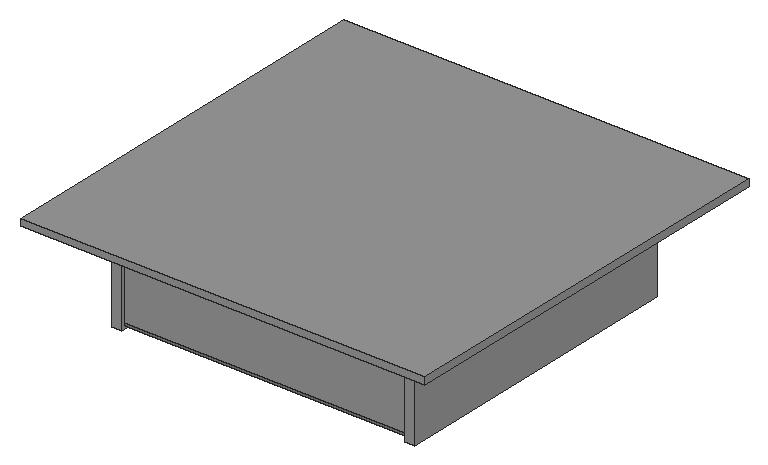
Revit family "Berica 2.0 M", category Lighting Fixtures, Revit 2020 (continued)
Definition of nested family "Light Source Berica 2.0"
  Parameters (values of type "L 45°x96°")
      96.57 91.68 87.08 82.27 77.94 73.48 68.95 65.15 61.24 \r\n57.26 53.49 49.96 46.61 43.40 40.13 37.45 34.48 31.83 \r\n29.31 26.86 24.62 22.36 20.21 18.13 16.31 14.34 12.78 \r\n11.08 9.60 8.12 7.01 6.00 5.14 4.38 3.62 2.90 2.24 1.60 \r\n1.01 0.53 0.25 0.10 0.07 0.10 0.25 0.53 1.01 1.60 2.24 \r\n2.90 3.62 4.38 5.14 6.00 7.01 8.12 9.60 11.08 12.78 14.34 \r\n16.31 18.13 20.21 22.36 24.62 26.86 29.31 31.83 34.48 \r\n37.45 40.13 43.40 46.61 49.96 53.49 57.26 61.24 65.15 \r\n68.95 73.48 77.94 82.27 87.08 91.68 96.57 101.46 106.03 \r\n111.25 116.02 120.81 125.79 130.24 135.32 139.52 143.80 \r\n148.37 152.33 156.65 160.45 164.47 167.91 171.52 174.96 \r\n178.22 181.37 184.34 187.23 190.12 192.81 195.32 197.82 \r\n199.93 202.27 204.39 206.33 208.29 210.01 211.70 213.25 \r\n214.77 216.03 217.26 218.50 219.54 220.47 221.30 221.91 \r\n222.60 223.12 223.64 224.03 224.29 224.51 \r\n224.51 224.25 223.87 223.34 222.66 222.12 221.30 220.35 \r\n219.27 218.00 216.77 215.37 214.02 212.60 210.64 208.95 \r\n207.01 204.82 202.50 200.07 197.44 194.94 192.09 189.09 \r\n186.22 182.82 179.85 176.18 172.69 168.88 165.41 161.30 \r\n157.62 153.21 149.28 144.86 140.35 136.09 131.35 126.57 \r\n122.00 117.17 112.15 107.35 102.34 97.70 92.67 88.42 \r\n84.22 79.58 75.44 71.18 67.32 63.28 59.47 55.72 52.45 \r\n49.18 45.71 42.74 39.74 36.82 33.63 30.72 27.56 24.72 \r\n22.38 20.12 17.70 15.22 12.71 10.62 8.64 7.14 6.01 5.04 \r\n4.36 3.76 3.17 2.69 2.25 1.84 1.48 1.12 0.78 0.48 0.24 \r\n0.10 0.05 0.04 0.04 0.04 0.05 0.10 0.24 0.48 0.78 1.12 \r\n1.48 1.84 2.25 2.69 3.17 3.76 4.36 5.04 6.01 7.14 8.64 \r\n10.62 12.71 15.22 17.70 20.12 22.38 24.72 27.56 30.72 \r\n33.63 36.82 39.74 42.74 45.71 49.18 52.45 55.72 59.47 \r\n63.28 67.32 71.18 75.44 79.58 84.22 88.42 92.67 97.70 \r\n102.34 107.35 112.15 117.17 122.00 126.57 131.35 136.09 \r\n140.35 144.86 149.28 153.21 157.62 161.30 165.41 168.88 \r\n172.69 176.18 179.85 182.82 186.22 189.09 192.09 194.94 \r\n197.44 200.07 202.50 204.82 207.01 208.95 210.64 212.60 \r\n214.02 215.37 216.77 218.00 219.27 220.35 221.30 222.12 \r\n222.66 223.34 223.87 224.25 224.51 \r\n224.51 224.08 223.48 222.86 222.13 221.23 220.23 219.10 \r\n217.81 216.41 214.98 213.36 211.57 209.68 207.21 205.07 \r\n202.62 200.27 197.28 194.35 191.22 188.09 184.95 181.65 \r\n178.05 174.46 170.57 166.50 162.64 158.34 154.15 149.77 \r\n145.31 140.69 135.75 131.29 126.63 121.55 116.81 111.94 \r\n107.17 102.48 97.61 92.75 88.28 83.91 79.55 75.48 71.39 \r\n67.73 63.74 60.29 56.71 53.30 49.87 46.25 42.49 38.52 \r\n34.67 31.83 29.21 26.38 23.22 20.12 17.11 14.22 11.83 \r\n9.45 7.76 6.37 4.98 4.10 3.54 3.06 2.56 2.10 1.72 1.47 \r\n1.25 1.06 0.85 0.68 0.50 0.36 0.23 0.13 0.07 0.04 0.03 \r\n0.03 0.03 0.03 0.03 0.04 0.07 0.13 0.23 0.36 0.50 0.68 \r\n0.85 1.06 1.25 1.47 1.72 2.10 2.56 3.06 3.54 4.10 4.98 \r\n6.37 7.76 9.45 11.83 14.22 17.11 20.12 23.22 26.38 29.21 \r\n31.83 34.67 38.52 42.49 46.25 49.87 53.30 56.71 60.29 \r\n63.74 67.73 71.39 75.48 79.55 83.91 88.28 92.75 97.61 \r\n102.48 107.17 111.94 116.81 121.55 126.63 131.29 135.75 \r\n140.69 145.31 149.77 154.15 158.34 162.64 166.50 170.57 \r\n174.46 178.05 181.65 184.95 188.09 191.22 194.35 197.28 \r\n200.27 202.62 205.07 207.21 209.68 211.57 213.36 214.98 \r\n216.41 217.81 219.10 220.23 221.23 222.13 222.86 223.48 \r\n224.08 224.51 \r\n224.51 224.02 223.28 222.51 221.63 220.52 219.28 217.94 \r\n216.41 214.78 212.92 210.96 208.62 206.44 203.59 200.79 \r\n197.92 194.83 191.34 188.26 184.71 181.18 177.34 173.29 \r\n169.62 164.84 160.89 155.99 151.39 146.33 141.88 137.09 \r\n132.15 126.97 121.91 116.98 111.80 106.88 102.37 97.34 \r\n92.96 88.32 83.83 79.75 75.43 71.37 67.54 63.70 60.15 \r\n55.89 51.50 47.05 42.68 39.42 36.43 33.59 30.41 26.62 \r\n23.01 19.63 16.36 13.79 11.22 8.81 7.33 5.88 4.30 3.39 \r\n2.95 2.55 2.10 1.68 1.24 0.88 0.76 0.66 0.58 0.49 0.41 \r\n0.33 0.27 0.21 0.15 0.10 0.07 0.04 0.03 0.03 0.02 0.02 \r\n0.02 0.02 0.02 0.03 0.03 0.04 0.07 0.10 0.15 0.21 0.27 \r\n0.33 0.41 0.49 0.58 0.66 0.76 0.88 1.24 1.68 2.10 2.55 \r\n2.95 3.39 4.30 5.88 7.33 8.81 11.22 13.79 16.36 19.63 \r\n23.01 26.62 30.41 33.59 36.43 39.42 42.68 47.05 51.50 \r\n55.89 60.15 63.70 67.54 71.37 75.43 79.75 83.83 88.32 \r\n92.96 97.34 102.37 106.88 111.80 116.98 121.91 126.97 \r\n132.15 137.09 141.88 146.33 151.39 155.99 160.89 164.84 \r\n169.62 173.29 177.34 181.18 184.71 188.26 191.34 194.83 \r\n197.92 200.79 203.59 206.44 208.62 210.96 212.92 214.78 \r\n216.41 217.94 219.28 220.52 221.63 222.51 223.28 224.02 \r\n224.51 \r\n224.51 223.89 223.05 222.05 220.93 219.68 218.18 216.66 \r\n214.74 212.95 210.50 208.11 205.32 202.61 199.31 196.10 \r\n192.71 189.16 185.50 181.57 177.67 173.21 169.17 164.58 \r\n160.07 154.75 149.97 144.81 139.65 134.46 129.25 124.09 \r\n118.71 113.76 108.22 103.39 98.07 93.55 88.58 84.45 80.04 \r\n75.84 71.80 67.56 63.09 57.89 52.65 48.05 44.49 41.30 \r\n38.49 35.01 30.88 26.83 23.45 20.11 17.14 14.64 11.93 \r\n9.35 7.93 6.36 4.60 3.31 2.85 2.49 2.10 1.72 1.32 0.88 \r\n0.47 0.34 0.30 0.27 0.24 0.21 0.18 0.16 0.13 0.11 0.09 \r\n0.06 0.05 0.03 0.02 0.02 0.02 0.02 0.02 0.02 0.02 0.02 \r\n0.02 0.02 0.02 0.02 0.02 0.03 0.05 0.06 0.09 0.11 0.13 \r\n0.16 0.18 0.21 0.24 0.27 0.30 0.34 0.47 0.88 1.32 1.72 \r\n2.10 2.49 2.85 3.31 4.60 6.36 7.93 9.35 11.93 14.64 17.14 \r\n20.11 23.45 26.83 30.88 35.01 38.49 41.30 44.49 48.05 \r\n52.65 57.89 63.09 67.56 71.80 75.84 80.04 84.45 88.58 \r\n93.55 98.07 103.39 108.22 113.76 118.71 124.09 129.25 \r\n134.46 139.65 144.81 149.97 154.75 160.07 164.58 169.17 \r\n173.21 177.67 181.57 185.50 189.16 192.71 196.10 199.31 \r\n202.61 205.32 208.11 210.50 212.95 214.74 216.66 218.18 \r\n219.68 220.93 222.05 223.05 223.89 224.51 \r\n224.51 223.86 222.87 221.70 220.22 218.88 217.19 215.46 \r\n213.25 210.81 208.08 205.19 201.94 198.78 195.02 191.55 \r\n187.58 183.58 179.21 174.95 170.10 165.48 160.52 155.27 \r\n150.00 144.47 139.16 133.56 128.02 122.63 116.75 111.61 \r\n106.15 100.78 95.63 90.67 85.98 81.44 76.94 72.71 67.39 \r\n61.95 56.01 51.03 47.33 43.71 40.90 37.28 32.61 28.34 \r\n24.81 21.53 18.50 15.92 13.61 10.95 9.06 7.74 6.16 4.29 \r\n3.22 2.85 2.50 2.13 1.74 1.34 0.92 0.43 0.17 0.15 0.13 \r\n0.12 0.11 0.10 0.09 0.07 0.06 0.05 0.04 0.03 0.03 0.02 \r\n0.02 0.02 0.02 0.02 0.02 0.02 0.02 0.02 0.02 0.02 0.02 \r\n0.02 0.02 0.02 0.02 0.02 0.02 0.02 0.03 0.03 0.04 0.05 \r\n0.06 0.07 0.09 0.10 0.11 0.12 0.13 0.15 0.17 0.43 0.92 \r\n1.34 1.74 2.13 2.50 2.85 3.22 4.29 6.16 7.74 9.06 10.95 \r\n13.61 15.92 18.50 21.53 24.81 28.34 32.61 37.28 40.90 \r\n43.71 47.33 51.03 56.01 61.95 67.39 72.71 76.94 81.44 \r\n85.98 90.67 95.63 100.78 106.15 111.61 116.75 122.63 \r\n128.02 133.56 139.16 144.47 150.00 155.27 160.52 165.48 \r\n170.10 174.95 179.21 183.58 187.58 191.55 195.02 198.78 \r\n201.94 205.19 208.08 210.81 213.25 215.46 217.19 218.88 \r\n220.22 221.70 222.87 223.86 224.51 \r\n224.51 223.68 222.66 221.30 219.72 218.03 216.36 214.19 \r\n211.56 208.83 205.53 202.31 198.76 195.17 190.82 186.82 \r\n182.18 177.84 173.12 167.78 162.72 157.37 152.02 146.01 \r\n140.45 134.67 128.64 122.58 116.78 111.16 105.71 100.18 \r\n94.94 89.66 84.60 79.65 75.20 69.75 63.35 57.01 51.59 \r\n47.98 44.25 41.31 36.89 31.65 27.66 24.01 20.99 17.99 \r\n15.84 13.49 10.72 9.08 7.88 6.26 4.60 3.42 3.06 2.71 2.32 \r\n1.98 1.55 1.16 0.66 0.21 0.06 0.05 0.04 0.04 0.03 0.03 \r\n0.03 0.02 0.02 0.02 0.02 0.02 0.02 0.01 0.01 0.01 0.01 \r\n0.01 0.01 0.01 0.01 0.01 0.01 0.01 0.01 0.01 0.01 0.01 \r\n0.01 0.01 0.01 0.01 0.01 0.01 0.01 0.01 0.02 0.02 0.02 \r\n0.02 0.02 0.02 0.03 0.03 0.03 0.04 0.04 0.05 0.06 0.21 \r\n0.66 1.16 1.55 1.98 2.32 2.71 3.06 3.42 4.60 6.26 7.88 \r\n9.08 10.72 13.49 15.84 17.99 20.99 24.01 27.66 31.65 \r\n36.89 41.31 44.25 47.98 51.59 57.01 63.35 69.75 75.20 \r\n79.65 84.60 89.66 94.94 100.18 105.71 111.16 116.78 \r\n122.58 128.64 134.67 140.45 146.01 152.02 157.37 162.72 \r\n167.78 173.12 177.84 182.18 186.82 190.82 195.17 198.76 \r\n202.31 205.53 208.83 211.56 214.19 216.36 218.03 219.72 \r\n221.30 222.66 223.68 224.51 \r\n224.51 223.59 222.53 220.94 219.17 217.34 215.31 212.67 \r\n209.75 206.44 203.12 199.29 195.32 191.31 186.75 182.32 \r\n177.02 172.11 166.53 161.06 155.23 149.50 143.38 137.56 \r\n131.02 125.12 118.51 112.76 106.52 100.79 95.84 90.16 \r\n85.08 79.75 74.34 67.41 60.76 54.59 49.85 46.25 42.93 \r\n39.00 33.10 28.79 24.86 21.42 18.55 16.39 14.10 11.71 \r\n9.60 8.41 6.99 5.33 3.82 3.33 3.00 2.64 2.29 1.89 1.50 \r\n1.06 0.58 0.12 0.03 0.02 0.02 0.02 0.02 0.02 0.01 0.01 \r\n0.01 0.01 0.01 0.01 0.01 0.01 0.01 0.01 0.01 0.01 0.01 \r\n0.01 0.01 0.01 0.01 0.01 0.01 0.01 0.01 0.01 0.01 0.01 \r\n0.01 0.01 0.01 0.01 0.01 0.01 0.01 0.01 0.01 0.01 0.01 \r\n0.01 0.01 0.01 0.01 0.01 0.01 0.02 0.02 0.02 0.02 0.02 \r\n0.03 0.12 0.58 1.06 1.50 1.89 2.29 2.64 3.00 3.33 3.82 \r\n5.33 6.99 8.41 9.60 11.71 14.10 16.39 18.55 21.42 24.86 \r\n28.79 33.10 39.00 42.93 46.25 49.85 54.59 60.76 67.41 \r\n74.34 79.75 85.08 90.16 95.84 100.79 106.52 112.76 118.51 \r\n125.12 131.02 137.56 143.38 149.50 155.23 161.06 166.53 \r\n172.11 177.02 182.32 186.75 191.31 195.32 199.29 203.12 \r\n206.44 209.75 212.67 215.31 217.34 219.17 220.94 222.53 \r\n223.59 224.51 \r\n224.51 223.55 222.22 220.49 218.78 216.75 214.34 211.48 \r\n208.02 204.61 200.53 196.61 192.21 187.88 182.56 177.42 \r\n172.10 166.49 160.43 154.52 148.64 141.75 136.02 128.95 \r\n122.76 116.20 110.01 103.70 97.84 92.46 86.82 81.31 75.34 \r\n68.65 60.33 54.32 49.76 46.16 42.51 37.40 31.32 27.39 \r\n23.49 20.29 17.69 15.50 13.26 10.66 9.17 8.01 6.68 5.05 \r\n3.77 3.32 3.02 2.64 2.29 1.92 1.51 1.08 0.60 0.18 0.03 \r\n0.02 0.02 0.01 0.01 0.01 0.01 0.01 0.01 0.01 0.01 0.01 \r\n0.01 0.01 0.01 0.01 0.01 0.01 0.01 0.01 0.01 0.01 0.01 \r\n0.01 0.01 0.01 0.01 0.01 0.01 0.01 0.01 0.01 0.01 0.01 \r\n0.01 0.01 0.01 0.01 0.01 0.01 0.01 0.01 0.01 0.01 0.01 \r\n0.01 0.01 0.01 0.01 0.01 0.01 0.01 0.01 0.01 0.02 0.02 \r\n0.03 0.18 0.60 1.08 1.51 1.92 2.29 2.64 3.02 3.32 3.77 \r\n5.05 6.68 8.01 9.17 10.66 13.26 15.50 17.69 20.29 23.49 \r\n27.39 31.32 37.40 42.51 46.16 49.76 54.32 60.33 68.65 \r\n75.34 81.31 86.82 92.46 97.84 103.70 110.01 116.20 122.76 \r\n128.95 136.02 141.75 148.64 154.52 160.43 166.49 172.10 \r\n177.42 182.56 187.88 192.21 196.61 200.53 204.61 208.02 \r\n211.48 214.34 216.75 218.78 220.49 222.22 223.55 224.51 \r\n224.51 223.46 222.16 220.17 218.27 216.08 213.19 210.26 \r\n206.39 202.62 198.50 194.11 189.30 184.16 178.70 172.99 \r\n167.40 160.92 155.30 148.41 142.16 135.03 128.54 121.95 \r\n114.95 108.74 102.30 96.18 90.46 84.73 78.35 71.16 63.30 \r\n56.12 51.11 47.03 43.46 38.05 31.63 27.64 23.65 20.31 \r\n17.59 15.55 13.24 10.80 9.08 8.02 6.84 5.22 3.91 3.43 \r\n3.12 2.75 2.40 2.03 1.63 1.22 0.75 0.33 0.04 0.02 0.02 \r\n0.01 0.01 0.01 0.01 0.01 0.01 0.01 0.01 0.01 0.01 0.01 \r\n0.01 0.01 0.01 0.01 0.01 0.01 0.01 0.01 0.01 0.01 0.01 \r\n0.01 0.01 0.01 0.01 0.01 0.01 0.01 0.01 0.01 0.01 0.01 \r\n0.01 0.01 0.01 0.01 0.01 0.01 0.01 0.01 0.01 0.01 0.01 \r\n0.01 0.01 0.01 0.01 0.01 0.01 0.01 0.01 0.01 0.01 0.01 \r\n0.02 0.02 0.04 0.33 0.75 1.22 1.63 2.03 2.40 2.75 3.12 \r\n3.43 3.91 5.22 6.84 8.02 9.08 10.80 13.24 15.55 17.59 \r\n20.31 23.65 27.64 31.63 38.05 43.46 47.03 51.11 56.12 \r\n63.30 71.16 78.35 84.73 90.46 96.18 102.30 108.74 114.95 \r\n121.95 128.54 135.03 142.16 148.41 155.30 160.92 167.40 \r\n172.99 178.70 184.16 189.30 194.11 198.50 202.62 206.39 \r\n210.26 213.19 216.08 218.27 220.17 222.16 223.46 224.51 \r\n224.51 223.45 222.04 220.09 217.91 215.49 212.60 208.79 \r\n204.91 201.06 196.52 191.85 186.53 181.00 175.53 168.88 \r\n163.10 156.30 149.97 142.93 135.84 129.08 122.27 115.56 \r\n108.75 102.25 95.81 89.72 83.50 77.00 68.84 60.70 53.96 \r\n49.42 45.48 41.37 34.47 29.08 25.14 21.31 18.49 16.09 \r\n14.20 11.52 9.53 8.34 7.14 5.90 4.35 3.66 3.30 2.96 2.58 \r\n2.25 1.84 1.44 0.99 0.54 0.17 0.03 0.02 0.01 0.01 0.01 \r\n0.01 0.01 0.01 0.01 0.01 0.01 0.01 0.01 0.01 0.01 0.01 \r\n0.01 0.01 0.01 0.01 0.01 0.01 0.01 0.01 0.01 0.01 0.01 \r\n0.01 0.01 0.01 0.01 0.01 0.01 0.01 0.01 0.01 0.01 0.01 \r\n0.01 0.01 0.01 0.01 0.01 0.01 0.01 0.01 0.01 0.01 0.01 \r\n0.01 0.01 0.01 0.01 0.01 0.01 0.01 0.01 0.01 0.01 0.01 \r\n0.01 0.02 0.03 0.17 0.54 0.99 1.44 1.84 2.25 2.58 2.96 \r\n3.30 3.66 4.35 5.90 7.14 8.34 9.53 11.52 14.20 16.09 \r\n18.49 21.31 25.14 29.08 34.47 41.37 45.48 49.42 53.96 \r\n60.70 68.84 77.00 83.50 89.72 95.81 102.25 108.75 115.56 \r\n122.27 129.08 135.84 142.93 149.97 156.30 163.10 168.88 \r\n175.53 181.00 186.53 191.85 196.52 201.06 204.91 208.79 \r\n212.60 215.49 217.91 220.09 222.04 223.45 224.51 \r\n224.51 223.36 221.78 219.73 217.58 214.69 211.54 207.92 \r\n203.46 199.22 194.47 189.82 184.10 178.45 172.15 165.66 \r\n158.77 152.08 145.26 137.95 130.87 123.51 117.05 109.77 \r\n103.13 96.68 90.37 83.66 76.83 67.96 59.72 53.22 48.92 \r\n45.05 40.04 32.86 27.85 23.60 20.19 17.39 15.32 13.37 \r\n10.65 9.01 7.91 6.65 5.43 4.02 3.56 3.23 2.89 2.52 2.18 \r\n1.77 1.35 0.91 0.42 0.11 0.02 0.02 0.01 0.01 0.01 0.01 \r\n0.01 0.01 0.01 0.01 0.01 0.01 0.01 0.01 0.01 0.01 0.01 \r\n0.01 0.01 0.01 0.01 0.01 0.01 0.01 0.01 0.01 0.01 0.01 \r\n0.01 0.01 0.01 0.01 0.01 0.01 0.01 0.01 0.01 0.01 0.01 \r\n0.01 0.01 0.01 0.01 0.01 0.01 0.01 0.01 0.01 0.01 0.01 \r\n0.01 0.01 0.01 0.01 0.01 0.01 0.01 0.01 0.01 0.01 0.01 \r\n0.01 0.01 0.02 0.02 0.11 0.42 0.91 1.35 1.77 2.18 2.52 \r\n2.89 3.23 3.56 4.02 5.43 6.65 7.91 9.01 10.65 13.37 15.32 \r\n17.39 20.19 23.60 27.85 32.86 40.04 45.05 48.92 53.22 \r\n59.72 67.96 76.83 83.66 90.37 96.68 103.13 109.77 117.05 \r\n123.51 130.87 137.95 145.26 152.08 158.77 165.66 172.15 \r\n178.45 184.10 189.82 194.47 199.22 203.46 207.92 211.54 \r\n214.69 217.58 219.73 221.78 223.36 224.51 \r\n224.51 223.35 221.73 219.63 217.16 214.47 210.61 207.13 \r\n202.53 198.09 193.03 187.72 182.29 175.89 169.46 162.94 \r\n155.85 148.60 141.49 133.85 126.92 119.29 112.60 105.48 \r\n98.56 92.28 85.63 78.47 69.57 60.76 54.00 49.34 45.24 \r\n40.42 32.69 27.58 23.43 20.06 17.12 15.12 13.08 10.52 \r\n8.92 7.74 6.65 5.22 4.06 3.59 3.25 2.90 2.53 2.18 1.77 \r\n1.35 0.92 0.44 0.13 0.02 0.01 0.01 0.01 0.01 0.01 0.01 \r\n0.01 0.01 0.01 0.01 0.01 0.01 0.01 0.01 0.01 0.01 0.01 \r\n0.01 0.01 0.01 0.01 0.01 0.01 0.01 0.01 0.01 0.01 0.01 \r\n0.02 0.02 0.02 0.02 0.02 0.02 0.02 0.02 0.02 0.01 0.01 \r\n0.01 0.01 0.01 0.01 0.01 0.01 0.01 0.01 0.01 0.01 0.01 \r\n0.01 0.01 0.01 0.01 0.01 0.01 0.01 0.01 0.01 0.01 0.01 \r\n0.01 0.01 0.01 0.01 0.02 0.13 0.44 0.92 1.35 1.77 2.18 \r\n2.53 2.90 3.25 3.59 4.06 5.22 6.65 7.74 8.92 10.52 13.08 \r\n15.12 17.12 20.06 23.43 27.58 32.69 40.42 45.24 49.34 \r\n54.00 60.76 69.57 78.47 85.63 92.28 98.56 105.48 112.60 \r\n119.29 126.92 133.85 141.49 148.60 155.85 162.94 169.46 \r\n175.89 182.29 187.72 193.03 198.09 202.53 207.13 210.61 \r\n214.47 217.16 219.63 221.73 223.35 224.51 \r\n224.51 223.26 221.53 219.40 216.94 214.03 210.28 206.17 \r\n201.41 197.08 191.59 186.41 180.78 174.30 167.44 160.51 \r\n153.72 145.67 138.70 131.22 123.33 116.33 109.00 102.11 \r\n95.33 88.54 81.76 72.83 63.91 55.94 50.72 46.64 42.03 \r\n34.66 28.48 24.53 20.59 17.64 15.33 13.44 10.88 9.09 8.00 \r\n6.79 5.56 4.21 3.68 3.30 3.00 2.64 2.27 1.88 1.45 1.03 \r\n0.55 0.20 0.02 0.01 0.01 0.01 0.01 0.01 0.01 0.01 0.01 \r\n0.01 0.01 0.01 0.01 0.01 0.01 0.01 0.01 0.01 0.01 0.01 \r\n0.01 0.02 0.02 0.02 0.02 0.02 0.02 0.02 0.03 0.03 0.03 \r\n0.03 0.03 0.03 0.03 0.03 0.03 0.03 0.03 0.03 0.03 0.02 \r\n0.02 0.02 0.02 0.02 0.02 0.02 0.01 0.01 0.01 0.01 0.01 \r\n0.01 0.01 0.01 0.01 0.01 0.01 0.01 0.01 0.01 0.01 0.01 \r\n0.01 0.01 0.01 0.01 0.02 0.20 0.55 1.03 1.45 1.88 2.27 \r\n2.64 3.00 3.30 3.68 4.21 5.56 6.79 8.00 9.09 10.88 13.44 \r\n15.33 17.64 20.59 24.53 28.48 34.66 42.03 46.64 50.72 \r\n55.94 63.91 72.83 81.76 88.54 95.33 102.11 109.00 116.33 \r\n123.33 131.22 138.70 145.67 153.72 160.51 167.44 174.30 \r\n180.78 186.41 191.59 197.08 201.41 206.17 210.28 214.03 \r\n216.94 219.40 221.53 223.26 224.51 \r\n224.51 223.31 221.59 219.28 216.82 213.84 209.85 205.85 \r\n201.13 196.51 191.24 185.17 179.50 172.66 166.16 159.02 \r\n151.57 144.28 136.43 129.12 121.75 114.17 106.56 99.65 \r\n92.64 86.23 78.56 69.77 59.90 53.23 48.76 44.49 39.15 \r\n31.20 26.13 22.22 18.81 16.15 14.23 12.13 9.79 8.34 7.24 \r\n6.05 4.76 3.84 3.47 3.14 2.78 2.43 2.07 1.65 1.23 0.78 \r\n0.32 0.08 0.02 0.01 0.01 0.01 0.01 0.01 0.01 0.01 0.01 \r\n0.01 0.01 0.01 0.01 0.01 0.01 0.01 0.01 0.02 0.02 0.02 \r\n0.02 0.02 0.03 0.03 0.03 0.03 0.03 0.03 0.04 0.04 0.04 \r\n0.04 0.04 0.04 0.04 0.04 0.04 0.04 0.04 0.04 0.04 0.03 \r\n0.03 0.03 0.03 0.03 0.03 0.02 0.02 0.02 0.02 0.02 0.01 \r\n0.01 0.01 0.01 0.01 0.01 0.01 0.01 0.01 0.01 0.01 0.
